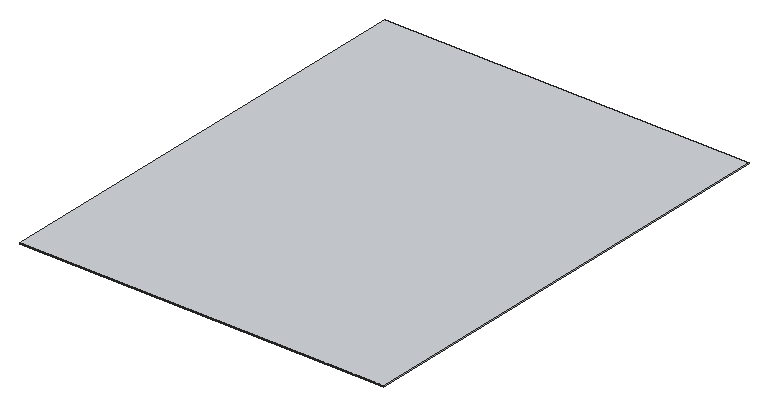
Revit family "L.C- generico - Pavimentazione", category Modelli generici, Revit 2017
Family settings
  Può ospitare armatura = No
  Quota connettore circolare = Usa diametro
  Tipo di parte = Normale
  Basato su piano di lavoro = No
  Sempre verticale = Sì
  Taglio con vuoti quando caricato = No
  Condiviso = No
  Punto di calcolo locali = No
Parameters (values of type "piazzetta")
  l = 6 m
  h = 0.01 m
  L = 7.5 m
Types (6, lengths in m): name | l | h | L
  (no name) | 6 | 0.01 | 7.5
  Marciapiede | 1.5 | 0.15 | 20
  piazza | 20 | 0.15 | 20
  piazzetta | 6 | 0.01 | 7.5
  strada | 6 | 0.01 | 20
  marciapiedino | 1.5 | 0.15 | 9
Reference planes (m)
  plane 1 "Centro (Fronte/Retro)": y = 0
  plane 2: z = 0
  plane 3 "Centro (Sinistra/Destra)": x = 0
  plane 4: x = 6
  plane 5: y = 7.5
  plane 6: z = 0.01
Forms (m)
  Extrusion 1, solid
    sketch origin (0, 0, 0) x (1, 0, 0) y (0, 1, 0)
      loop
        line (0, 7.5) -> (0, 0) -> (6, 0) -> (6, 7.5) -> (0, 7.5)
    from 0 to 0.01
Dimensions and locks (m)
  "L": plane 5 to plane 1 "Centro (Fronte/Retro)"
  "l": plane 3 "Centro (Sinistra/Destra)" to plane 4
  "h": plane 6 to plane 2
  aligned and locked: level to plane 2
  aligned and locked: plane 1 "Centro (Fronte/Retro)" to Extrusion 1
  aligned and locked: Extrusion 1 to plane 3 "Centro (Sinistra/Destra)"
  aligned and locked: plane 4 to Extrusion 1
  aligned and locked: Extrusion 1 to plane 5
  aligned and locked: Extrusion 1 to plane 6
Automatic sketch dimensions
  plane 1 "Centro (Fronte/Retro)" to Extrusion 1 sketch curve = 0 m
  Extrusion 1 sketch curve to plane 3 "Centro (Sinistra/Destra)" = 0 m
  Extrusion 1 sketch curve to plane 4 = 0 m
  Extrusion 1 sketch curve to plane 5 = 0 m
